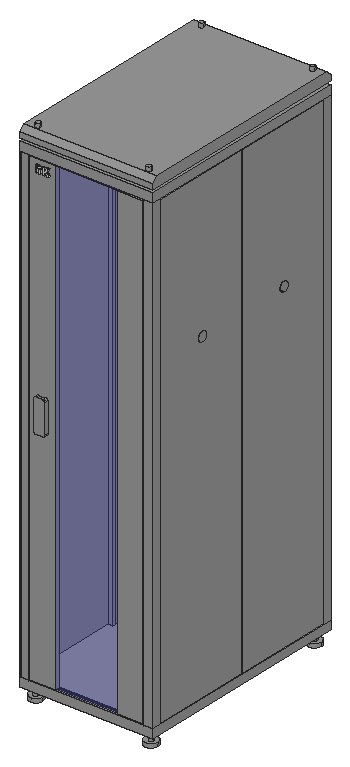
Revit family "ITK Шкаф сетевой 19 LINEA N 18U (600х1000 мм ) стекло и перфорация", category Электрооборудование, Revit 2016
Family settings
  Тип детали = Другая панель
  Размер круглого соединителя = Использовать диаметр
  Номер OmniClass = 23.80.30.11.17
  Заголовок OmniClass = Distribution Boards and Control Panels
  На основе рабочей плоскости = Нет
  Всегда вертикально = Да
  При загрузке вырезать с полостями = Нет
  Общий = Нет
  Точка расчета площади = Нет
Parameters
  Ширина УГО = Ширина / 100  # 6 mm
  Ширина = 600 mm
  Степень защиты = "IP20"
  Смещение УГО по X [instance] = 1000 mm
  Основание = 50 mm
  Описание = "Напольные 19-дюймовые шкафы серии LINEA N применяются для размещения различного телекоммуникационного 19-дюймового активного и пассивного оборудования и небольших серверов, а также специализированного оборудования стандарта 19 дюймов, и отлично подходят для размещения как в офисных помещениях, так и в специализированных серверных комнатах.\r\n\r\nШирокий диапазон типоразмеров и модификаций сетевых шкафов, а также наличие большого количества комплектующих и аксессуаров к ним позволяет заказчику подобрать необходимую спецификацию в соответствии со стоящими перед ним задачами, а соответствие международным стандартам, таким как ISO9001, IEC 297, ISO/IEC 1180, обеспечивает совместимость с компонентами СКС и оборудованием других производителей.\r\n\r\nШкафы LINEA N обладают современным привлекательным дизайном и технологичной, но в то же время простой и удобной конструкцией, которая дает возможность эффективно справляться с задачами быстрого монтажа, администрирования и оперативного изменения конфигурации 19-дюймового оборудования, задачей защиты этого оборудования и поддержания для него оптимального температурного режима. Доступ внутрь шкафа возможен со всех сторон, для ввода кабеля предусмотрены вводы в верхней и нижней части. Сборка шкафа осуществляется одним специалистом и занимает не более 20 минут.\r\nРегулируемые по глубине 19-дюймовые направляющие.\r\nСовременный привлекательный дизайн.\r\nМонтажные профили имеют разметку в юнитах (U).\r\nХорошая естественная вентиляция, возможность установки дополнительных вентиляторных модулей.\r\nБоковые стенки оснащены замком и защелками.\r\nВозможность замены регулируемых ножек на ролики с тормозом.\r\nСтатическая нагрузка до 1000 кг (ножки).\r\nСборка одним человеком за 20 минут.\r\nНаличие большого количества совместимых аксессуаров и комплектующих производства ITK.\r\nВозможно исполнение в двух цветах: сером (RAL7035) и черном (RAL9005).\r\nРасширенная гарантия до 10 лет."  # constant formula
  Материал = Окраска - RAL 7035
  Крышка вентиляционная = 60 mm
  Type Comments = " "
  Assembly Code = ""
  Изготовитель = "ITK"  # constant formula
  Засечка УГО = 1.2 mm  # constant formula
  Model = ""
  Глубина УГО = Глубина / 100  # 10 mm
  Глубина = 1000 mm
  Высота = 2312 mm
  Вид установки = "Напольный"
  URL = "http://www.itk-GProup.ru/produktsiya/catalog/?page=section&id=450&pagen=1&pagec=100"
  ADSK_Ток = ADSK_Номинальная мощность / (ADSK_Коэффициент мощности * ADSK_Напряжение * sqrt(ADSK_Количество фаз числовое))  # 0 A
  ADSK_Примечание = ""
  ADSK_Полная мощность = ADSK_Номинальная мощность / ADSK_Коэффициент мощности  # 0 VA
  ADSK_Позиция [instance] = ""
  ADSK_Номинальная мощность = 0 W
  ADSK_Напряжение = 220 V
  ADSK_Наименование краткое = "LN35-47U61-GP"
  ADSK_Наименование = "ITK Шкаф сетевой 19\" LINEA N 47U 600х1000 мм, стеклянная передняя дверь, перфорированная- задняя, серый"
  ADSK_Масса = 0
  ADSK_Марка = "LN35-47U61-GP"
  ADSK_Коэффициент мощности = 1
  ADSK_Количество фаз числовое = 1
  ADSK_Количество фаз = 1
  ADSK_Код изделия = ""
  ADSK_Классификация нагрузок = Прочее
  ADSK_Завод-изготовитель = "IEK"
  ADSK_Единица измерения = "шт"
  ADSK_Группирование = "I. ЩИТЫ И ПУЛЬТЫ"
Reference planes
  plane 1 "По центру (Вперед/Назад)": y = 0
  plane 2: z = 0
  plane 3 "По центру (Влево/Вправо)": x = 0
  plane 4: x = -300
  plane 5: x = 300
  plane 6: y = 500
  plane 7: y = -500
  plane 8: z = 2312
  plane 9: z = 250
  plane 10: z = 2252
  plane 11: z = 50
  plane 12 "Смещение УГО по X": x = -1000
Forms (mm)
  Extrusion 1, solid, detail levels coarse+medium
    sketch origin (0, 0, 0) x (1, 0, 0) y (0, 1, 0)
      loop
        line (-300, 500) -> (-300, -500) -> (300, -500) -> (300, 500) -> (-300, 500)
    from 0 to 2312 <- "Высота"
Lines and regions (mm)
  reference lines
    curve 1: line (0, 241.146, 0) -> (0, -338.854, 0)
Dimensions and locks
  equal spacing: plane 7, plane 1 "По центру (Вперед/Назад)", plane 6
  "Глубина": plane 7 to plane 6
  equal spacing: plane 4, plane 3 "По центру (Влево/Вправо)", plane 5
  "Ширина": plane 4 to plane 5
  "Крышка вентиляционная": plane 8 to plane 10
  "Основание": plane 11 to plane 2
  "Высота": plane 8 to plane 2
  plane 12 "Смещение УГО по X" to plane 3 "По центру (Влево/Вправо)" = 1000 mm
  "Смещение УГО по X": plane 12 "Смещение УГО по X" to curve 1
  aligned and locked: level to plane 2
  aligned and locked: plane 1 "По центру (Вперед/Назад)" to nested 1
  aligned and locked: plane 3 "По центру (Влево/Вправо)" to nested 1
  aligned and locked: plane 1 "По центру (Вперед/Назад)" to nested 2
  aligned and locked: plane 3 "По центру (Влево/Вправо)" to nested 2
  aligned and locked: plane 3 "По центру (Влево/Вправо)" to nested 3
  aligned and locked: plane 1 "По центру (Вперед/Назад)" to nested 3
  aligned and locked: plane 1 "По центру (Вперед/Назад)" to nested 4
  aligned and locked: plane 3 "По центру (Влево/Вправо)" to nested 4
  aligned and locked: Extrusion 1 sketch curve to plane 4
  aligned and locked: Extrusion 1 sketch curve to plane 6
  aligned and locked: plane 7 to Extrusion 1 sketch curve
  aligned and locked: plane 5 to Extrusion 1 sketch curve
  aligned and locked: plane 3 "По центру (Влево/Вправо)" to nested 5
  aligned and locked: plane 1 "По центру (Вперед/Назад)" to nested 5
  aligned and locked: plane 1 "По центру (Вперед/Назад)" to nested 6
  aligned and locked: nested 6 to curve 1
  aligned and locked: nested 7 to plane 3 "По центру (Влево/Вправо)"
  aligned and locked: plane 6 to nested 7
  aligned and locked: plane 3 "По центру (Влево/Вправо)" to nested 8
  aligned and locked: plane 7 to nested 8
Automatic sketch dimensions
  curve 1 to plane 7 = 161.146 mm
  curve 1 to plane 1 "По центру (Вперед/Назад)" = 241.146 mm
Nested families
  nested 1: "Стойка_комплект 4шт" at (0, 0, 0), type "Стойка_комплект 4шт", detail levels fine
    with Основание 50 mm, Глубина 1000 mm, Высота 2312 mm
  nested 2: "Основание_2шт" at (0, 0, 0), type "Основание_2шт", detail levels fine
    with Крыша вентиляционная 60 mm, Глубина 1000 mm, Высота 2312 mm
  nested 3: "Крыша вентиляционная" at (0, 0, 0), type "Крыша вентиляционная", detail levels fine
    with Крыша вентиляционная 60 mm, Глубина 1000 mm, Высота 2312 mm
  nested 4: "Ножки" at (0, 0, 0), type "Ножки", detail levels fine
    with Крыша вентиляционная 60 mm, Глубина 1000 mm, Высота 2312 mm
  nested 5: "Панель боковая (1000мм)_2шт" at (0, 0, 0), type "Панель боковая (1000мм)_2шт", detail levels fine
  nested 6: "УГО (две двери)" at (0, 0, 0), type "УГО (две двери)", detail levels coarse+medium
  nested 7: "Комплект двери перфорированной" at (0, 0, 0) x (-1, 0, 0) z (0, 0, 1), type "Комплект двери перфорированной", detail levels fine
    with Глубина 1000 mm
  nested 8: "Комплект двери стекляной" at (0, 0, 0), type "Комплект двери стекляной", detail levels fine
    with Глубина 1000 mm
Connectors
  electrical at (0, 500, 1156), driven by "ADSK_Напряжение", driven by "ADSK_Количество фаз", driven by "ADSK_Коэффициент мощности", driven by "ADSK_Классификация нагрузок", driven by "ADSK_Полная мощность"
    settings: on Extrusion 1, index 1, voltage 220 V, apparent load 0 VA, apparent load phase1 0 VA, apparent load phase2 0 VA, apparent load phase3 0 VA, power factor 1, load classification "Прочее", number of poles 1, system type 31, power factor state 1, is connector primary yes, connector utility no, sub classification motor no, connector description ""
Definition of nested family "Стойка_комплект 4шт"
  Parameters
    Ширина = 600 mm
    Основание = 150 mm
    Материал = none
    Крыша вентиляционная = 60 mm
    Глубина = 600 mm
    Высота = 2200 mm
  Reference planes
    plane 1 "По центру (Вперед/Назад)": y = 0
    plane 2: z = 0
    plane 3 "По центру (Влево/Вправо)": x = 0
    plane 4: x = -300
    plane 5: x = 300
    plane 6: y = 300
    plane 7: y = -300
    plane 8: y = 260
    plane 9: y = -260
    plane 10: x = -260
    plane 11: x = 260
    plane 12: z = 2100
    plane 13: z = 190
    plane 14: z = 150
    plane 15: z = 2140
    plane 16: z = 2200
  Forms (mm)
    Extrusion 1, solid, material <- "Материал"
      sketch origin (0, 0, 0) x (1, 0, 0) y (0, 1, 0)
        loop
          line (-300, -260) -> (-300, -300) -> (-260, -300) -> (-260, -280) -> (-245, -280) -> (-245, -260) -> (-260, -260) -> (-260, -245) -> (-270, -245) -> (-270, -260) -> (-300, -260)
        loop
          line (300, -260) -> (270, -260) -> (270, -245) -> (260, -245) -> (260, -260) -> (245, -260) -> (245, -280) -> (260, -280) -> (260, -300) -> (300, -300) -> (300, -260)
        loop
          line (300, 260) -> (300, 300) -> (260, 300) -> (260, 270) -> (245, 270) -> (245, 260) -> (260, 260) -> (260, 245) -> (270, 245) -> (270, 260) -> (300, 260)
        loop
          line (-300, 260) -> (-270, 260) -> (-270, 245) -> (-260, 245) -> (-260, 260) -> (-245, 260) -> (-245, 270) -> (-260, 270) -> (-260, 300) -> (-300, 300) -> (-300, 260)
        loop
          line (297, 297) -> (263, 297) -> (263, 267) -> (248, 267) -> (248, 263) -> (263, 263) -> (263, 248) -> (267, 248) -> (267, 263) -> (297, 263) -> (297, 297)
        loop
          line (-263, 297) -> (-297, 297) -> (-297, 263) -> (-267, 263) -> (-267, 248) -> (-263, 248) -> (-263, 263) -> (-248, 263) -> (-248, 267) -> (-263, 267) -> (-263, 297)
        loop
          line (-297, -263) -> (-297, -297) -> (-263, -297) -> (-263, -277) -> (-248, -277) -> (-248, -263) -> (-263, -263) -> (-263, -248) -> (-267, -248) -> (-267, -263) -> (-297, -263)
        loop
          line (263, -297) -> (297, -297) -> (297, -263) -> (267, -263) -> (267, -248) -> (263, -248) -> (263, -263) -> (248, -263) -> (248, -277) -> (263, -277) -> (263, -297)
      from 190 to 2100
  Dimensions and locks
    equal spacing: plane 7, plane 1 "По центру (Вперед/Назад)", plane 6
    equal spacing: plane 4, plane 3 "По центру (Влево/Вправо)", plane 5
    "Ширина": plane 4 to plane 5
    "Глубина": plane 7 to plane 6
    locked: plane 7 to plane 9 at 40
    locked: plane 6 to plane 8 at 40
    locked: plane 11 to plane 5 at 40
    locked: plane 4 to plane 10 at 40
    locked: plane 15 to plane 12 at 40
    "Крыша вентиляционная": plane 16 to plane 15
    locked: plane 13 to plane 14 at 40
    "Основание": plane 14 to plane 2
    "Высота": plane 16 to plane 2
    aligned and locked: level to plane 2
    aligned and locked: plane 9 to Extrusion 1 sketch curve
    aligned and locked: plane 4 to Extrusion 1 sketch curve
    aligned and locked: Extrusion 1 sketch curve to plane 7
    aligned and locked: plane 5 to Extrusion 1 sketch curve
    aligned and locked: plane 8 to Extrusion 1 sketch curve  (x2)
    aligned and locked: Extrusion 1 sketch curve to plane 11  (x2)
    aligned and locked: Extrusion 1 sketch curve to plane 6
    aligned and locked: plane 10 to Extrusion 1 sketch curve  (x2)
    aligned and locked: Extrusion 1 sketch curve to plane 8  (x2)
    aligned and locked: plane 6 to Extrusion 1 sketch curve
    aligned and locked: Extrusion 1 sketch curve to plane 4
    aligned and locked: plane 7 to Extrusion 1 sketch curve
    aligned and locked: Extrusion 1 sketch curve to plane 5
    aligned and locked: Extrusion 1 sketch curve to plane 9
    aligned and locked: plane 11 to Extrusion 1 sketch curve
    aligned and locked: plane 12 to Extrusion 1
    aligned and locked: Extrusion 1 to plane 13
  Automatic sketch dimensions
    Extrusion 1 sketch curve to plane 10 = 0 mm  (x2)
    plane 9 to Extrusion 1 sketch curve = 0 mm  (x2)
    Extrusion 1 sketch curve to plane 11 = 0 mm
    plane 4 to Extrusion 1 sketch curve = 3 mm  (x2)
    Extrusion 1 sketch curve to plane 10 = 10 mm  (x2)
    Extrusion 1 sketch curve to Extrusion 1 sketch curve = 3 mm  (x16)
    Extrusion 1 sketch curve to plane 10 = 3 mm  (x4)
    plane 10 to Extrusion 1 sketch curve = 12 mm  (x2)
    Extrusion 1 sketch curve to Extrusion 1 sketch curve = 15 mm  (x2)
    Extrusion 1 sketch curve to plane 11 = 3 mm  (x4)
    Extrusion 1 sketch curve to Extrusion 1 sketch curve = 4 mm  (x4)
    plane 5 to Extrusion 1 sketch curve = 3 mm  (x2)
    Extrusion 1 sketch curve to plane 7 = 3 mm  (x2)
    Extrusion 1 sketch curve to plane 7 = 20 mm  (x2)
    plane 9 to Extrusion 1 sketch curve = 3 mm  (x4)
    Extrusion 1 sketch curve to plane 9 = 12 mm  (x2)
    Extrusion 1 sketch curve to plane 8 = 15 mm  (x2)
    plane 8 to Extrusion 1 sketch curve = 3 mm  (x4)
    Extrusion 1 sketch curve to plane 6 = 3 mm  (x2)
Definition of nested family "Основание_2шт"
  Parameters
    Ширина = 600 mm
    Основание = 50 mm
    Материал = none
    Крыша вентиляционная = 100 mm
    Глубина = 600 mm
    Высота = 1800 mm
  Reference planes
    plane 1 "По центру (Вперед/Назад)": y = 0
    plane 2: z = 0
    plane 3 "По центру (Влево/Вправо)": x = 0
    plane 4: x = -300
    plane 5: x = 300
    plane 6: y = 300
    plane 7: y = -300
    plane 8: y = 260
    plane 9: y = -260
    plane 10: x = -260
    plane 11: x = 260
    plane 12: z = 1800
    plane 13: z = 90
    plane 14: z = 50
    plane 15: z = 1700
    plane 16: z = 1660
    plane 17: z = 1655
    plane 18: z = 95
  Forms (mm)
    Extrusion 1, solid, material <- "Материал"
      sketch origin (0, 0, 0) x (1, 0, 0) y (0, 0, 1)
        loop
          line (-300, 1700) -> (-300, 1660) -> (300, 1660) -> (300, 1700) -> (-300, 1700)
        loop
          line (-300, 90) -> (-300, 50) -> (300, 50) -> (300, 90) -> (-300, 90)
      from -300 to 300
    Extrusion 2, solid, material <- "Материал"
      sketch origin (-1511.359, -1524, 1660) x (-1, 0, 0) y (0, -1, 0)
        loop
          line (-1771.359, -1769) -> (-1771.359, -1784) -> (-1756.359, -1784) -> (-1756.359, -1814) -> (-1266.359, -1814) -> (-1266.359, -1784) -> (-1251.359, -1784) -> (-1251.359, -1769) -> (-1221.359, -1769) -> (-1221.359, -1279) -> (-1251.359, -1279) -> (-1251.359, -1264) -> (-1266.359, -1264) -> (-1266.359, -1244) -> (-1756.359, -1244) -> (-1756.359, -1264) -> (-1771.359, -1264) -> (-1771.359, -1279) -> (-1801.359, -1279) -> (-1801.359, -1769) -> (-1771.359, -1769)
      from -5 to 0
    Extrusion 3, solid, material <- "Материал"
      sketch origin (-1511.359, -1524, 384.733) x (0, 1, 0) y (1, 0, 0)
        loop
          line (1769, 1771.359) -> (1769, 1801.359) -> (1279, 1801.359) -> (1279, 1771.359) -> (1264, 1771.359) -> (1264, 1756.359) -> (1244, 1756.359) -> (1244, 1266.359) -> (1264, 1266.359) -> (1264, 1251.359) -> (1279, 1251.359) -> (1279, 1221.359) -> (1769, 1221.359) -> (1769, 1251.359) -> (1784, 1251.359) -> (1784, 1266.359) -> (1814, 1266.359) -> (1814, 1756.359) -> (1784, 1756.359) -> (1784, 1771.359) -> (1769, 1771.359)
      from 289.733 to 294.733
  Dimensions and locks
    equal spacing: plane 7, plane 1 "По центру (Вперед/Назад)", plane 6
    equal spacing: plane 4, plane 3 "По центру (Влево/Вправо)", plane 5
    "Ширина": plane 4 to plane 5
    "Глубина": plane 7 to plane 6
    locked: plane 7 to plane 9 at 40
    locked: plane 6 to plane 8 at 40
    locked: plane 11 to plane 5 at 40
    locked: plane 4 to plane 10 at 40
    "Основание": plane 14 to plane 2
    locked: plane 13 to plane 14 at 40
    locked: plane 15 to plane 16 at 40
    "Крыша вентиляционная": plane 12 to plane 15
    locked: plane 16 to plane 17 at 5
    locked: plane 18 to plane 13 at 5
    "Высота": plane 12 to plane 2
    aligned and locked: level to plane 2
    aligned and locked: Extrusion 1 sketch curve to plane 15
    aligned and locked: plane 4 to Extrusion 1 sketch curve  (x2)
    aligned and locked: plane 16 to Extrusion 1 sketch curve
    aligned and locked: plane 5 to Extrusion 1 sketch curve  (x2)
    aligned and locked: Extrusion 1 sketch curve to plane 13
    aligned and locked: plane 14 to Extrusion 1 sketch curve
    aligned and locked: plane 6 to Extrusion 1
    aligned and locked: plane 7 to Extrusion 1
    aligned and locked: plane 9 to Extrusion 2 sketch curve
    aligned and locked: Extrusion 2 sketch curve to plane 9
    aligned and locked: Extrusion 2 sketch curve to plane 10
    aligned and locked: plane 11 to Extrusion 2 sketch curve
    aligned and locked: Extrusion 2 sketch curve to plane 11
    aligned and locked: plane 8 to Extrusion 2 sketch curve
    aligned and locked: Extrusion 2 sketch curve to plane 8
    aligned and locked: plane 10 to Extrusion 2 sketch curve
    aligned and locked: plane 16 to Extrusion 2
    aligned and locked: Extrusion 2 to plane 17
    aligned and locked: Extrusion 3 to plane 13
    aligned and locked: plane 18 to Extrusion 3
    aligned and locked: Extrusion 2 sketch curve to Extrusion 3
  Automatic sketch dimensions
    plane 5 to Extrusion 2 sketch curve = 10 mm
    Extrusion 2 sketch curve to Extrusion 2 sketch curve = 15 mm  (x2)
    plane 10 to Extrusion 2 sketch curve = 15 mm  (x2)
    plane 4 to Extrusion 2 sketch curve = 10 mm
    Extrusion 2 sketch curve to plane 6 = 10 mm
    Extrusion 2 sketch curve to plane 8 = 15 mm  (x2)
    Extrusion 2 sketch curve to plane 9 = 15 mm  (x2)
    plane 9 to Extrusion 3 sketch curve = 0 mm  (x2)
    Extrusion 3 sketch curve to plane 11 = 0 mm  (x2)
    Extrusion 3 sketch curve to plane 10 = 0 mm  (x2)
    Extrusion 3 sketch curve to plane 8 = 0 mm  (x2)
    Extrusion 3 sketch curve to plane 7 = 20 mm
    Extrusion 3 sketch curve to plane 9 = 15 mm  (x2)
    Extrusion 3 sketch curve to Extrusion 3 sketch curve = 15 mm  (x3)
    Extrusion 3 sketch curve to plane 8 = 15 mm
    Extrusion 3 sketch curve to plane 6 = 10 mm
    plane 5 to Extrusion 3 sketch curve = 10 mm
    plane 10 to Extrusion 3 sketch curve = 15 mm  (x2)
    plane 4 to Extrusion 3 sketch curve = 10 mm
Definition of nested family "Крыша вентиляционная"
  Parameters
    Ширина = 600 mm
    Основание = 50 mm
    Материал = none
    Крыша вентиляционная = 65 mm
    Глубина = 600 mm
    Высота = 1805 mm
  Reference planes
    plane 1 "По центру (Вперед/Назад)": y = 0
    plane 2: z = 0
    plane 3 "По центру (Влево/Вправо)": x = 0
    plane 4: x = -300
    plane 5: x = 300
    plane 6: y = 300
    plane 7: y = -300
    plane 8: y = 260
    plane 9: y = -260
    plane 10: x = -260
    plane 11: x = 260
    plane 12: z = 1805
    plane 13: z = 50
    plane 14: z = 1740
    plane 15: z = 1820
    plane 16: z = 1755
  Forms (mm)
    Extrusion 1, solid, material <- "Материал"
      sketch origin (-1511.359, -1524, 1710) x (-1, 0, 0) y (0, -1, 0)
        loop
          circle (-1761.359, -1784) r 10
        loop
          circle (-1761.359, -1264) r 10
        loop
          circle (-1261.359, -1784) r 10
        loop
          circle (-1261.359, -1264) r 10
      from 30 to 110
    Extrusion 2, solid, material <- "Материал"
      sketch origin (0, 0, 0) x (0, 1, 0) y (0, 0, 1)
        loop
          line (-275, 1805) -> (-300, 1780) -> (-300, 1755) -> (300, 1755) -> (300, 1780) -> (275, 1805) -> (-275, 1805)
      from -300 to 300
  Cuts and joins
    joined: Extrusion 1, Extrusion 2
  Dimensions and locks
    equal spacing: plane 7, plane 1 "По центру (Вперед/Назад)", plane 6
    equal spacing: plane 4, plane 3 "По центру (Влево/Вправо)", plane 5
    "Ширина": plane 4 to plane 5
    "Глубина": plane 7 to plane 6
    locked: plane 7 to plane 9 at 40
    locked: plane 6 to plane 8 at 40
    locked: plane 11 to plane 5 at 40
    locked: plane 4 to plane 10 at 40
    "Основание": plane 13 to plane 2
    "Крыша вентиляционная": plane 12 to plane 14
    locked: plane 15 to plane 12 at 15
    locked: plane 16 to plane 14 at 15
    equal spacing: plane 12, Extrusion 2 sketch curve, plane 16  (x2)
    "Высота": plane 12 to plane 2
    locked: plane 12 to Extrusion 2 sketch curve (angle 45.00°)
    locked: Extrusion 2 sketch curve to plane 12 (angle 45.00°)
    aligned and locked: level to plane 2
    aligned and locked: Extrusion 1 to plane 14
    aligned and locked: plane 15 to Extrusion 1
    aligned and locked: Extrusion 2 sketch curve to plane 12
    aligned and locked: Extrusion 2 sketch curve to plane 7
    aligned and locked: plane 16 to Extrusion 2 sketch curve
    aligned and locked: Extrusion 2 sketch curve to plane 6
    aligned and locked: Extrusion 2 to plane 4
    aligned and locked: Extrusion 2 to plane 5
  Automatic sketch dimensions
    plane 9 to Extrusion 1 sketch curve = 0 mm  (x2)
    Extrusion 1 sketch curve to plane 8 = 0 mm  (x2)
    plane 11 to Extrusion 1 sketch curve = 10 mm  (x2)
    plane 10 to Extrusion 1 sketch curve = 10 mm  (x2)
    radius of Extrusion 1 sketch curve = 10 mm  (x4)
Definition of nested family "Ножки"
  Parameters
    Ширина = 600 mm
    Основание = 50 mm
    Материал = none
    Крыша вентиляционная = 100 mm
    Глубина = 600 mm
    Высота = 1800 mm
  Reference planes
    plane 1 "По центру (Вперед/Назад)": y = 0
    plane 2: z = 0
    plane 3 "По центру (Влево/Вправо)": x = 0
    plane 4: x = -300
    plane 5: x = 300
    plane 6: y = 300
    plane 7: y = -300
    plane 8: y = 260
    plane 9: y = -260
    plane 10: x = -260
    plane 11: x = 260
    plane 12: z = 1850
    plane 13: z = 50
    plane 14: z = 15
  Forms (mm)
    Extrusion 1, solid, material <- "Материал"
      sketch origin (-1511.359, -1524, 1710) x (-1, 0, 0) y (0, -1, 0)
        loop
          circle (-1251.359, -1784) r 30
        loop
          circle (-1771.359, -1784) r 30
        loop
          circle (-1251.359, -1264) r 30
        loop
          circle (-1771.359, -1264) r 30
      from -1710 to -1695
    Extrusion 2, solid, material <- "Материал"
      sketch origin (-1511.359, -1524, 1710) x (-1, 0, 0) y (0, -1, 0)
        loop
          circle (-1251.359, -1784) r 10
        loop
          circle (-1771.359, -1784) r 10
        loop
          circle (-1251.359, -1264) r 10
        loop
          circle (-1771.359, -1264) r 10
      from -1695 to -1660
  Dimensions and locks
    equal spacing: plane 7, plane 1 "По центру (Вперед/Назад)", plane 6
    equal spacing: plane 4, plane 3 "По центру (Влево/Вправо)", plane 5
    "Ширина": plane 4 to plane 5
    "Глубина": plane 7 to plane 6
    locked: plane 7 to plane 9 at 40
    locked: plane 6 to plane 8 at 40
    locked: plane 11 to plane 5 at 40
    locked: plane 4 to plane 10 at 40
    "Основание": plane 13 to plane 2
    "Высота": plane 12 to plane 13
    locked: plane 14 to plane 2 at 15
    aligned and locked: level to plane 2
    aligned and locked: plane 10 to Extrusion 1 sketch curve  (x2)
    aligned and locked: plane 9 to Extrusion 1 sketch curve  (x2)
    aligned and locked: plane 11 to Extrusion 1 sketch curve  (x2)
    aligned and locked: plane 8 to Extrusion 1 sketch curve  (x2)
    aligned and locked: plane 10 to Extrusion 2 sketch curve  (x2)
    aligned and locked: plane 8 to Extrusion 2 sketch curve  (x2)
    aligned and locked: plane 11 to Extrusion 2 sketch curve  (x2)
    aligned and locked: plane 9 to Extrusion 2 sketch curve  (x2)
    aligned and locked: Extrusion 1 to level
    aligned and locked: plane 14 to Extrusion 1
    aligned and locked: Extrusion 2 to plane 14
    aligned and locked: plane 13 to Extrusion 2
  Automatic sketch dimensions
    radius of Extrusion 1 sketch curve = 30 mm  (x4)
    radius of Extrusion 2 sketch curve = 10 mm  (x4)
Definition of nested family "Панель боковая (1000мм)_2шт"
  Parameters (values of type "Панель боковая (1000мм)_2шт")
    Ширина = 600 mm
    Основание = 50 mm
    Материал = none
    Крышка вентиляционная = 60 mm
    Глубина = 1000 mm
    Высота = 2312 mm
  Reference planes
    plane 1 "По центру (Вперед/Назад)": y = 0
    plane 2: z = 0
    plane 3 "По центру (Влево/Вправо)": x = 0
    plane 4: x = -300
    plane 5: x = 300
    plane 6: y = 500
    plane 7: y = -500
    plane 8: y = 460
    plane 9: y = -460
    plane 10: x = -260
    plane 11: x = 260
    plane 12: z = 90
    plane 13: z = 95
    plane 14: z = 50
    plane 15: z = 1558
    plane 16: z = 2212
    plane 17: z = 2312
    plane 18: z = 804
    plane 19: z = 2252
    plane 20: z = 2207
  Forms (mm)
    Extrusion 1, solid, material <- "Материал"
      sketch origin (0, 0, 0) x (1, 0, 0) y (0, 1, 0)
        loop
          line (-300, 455) -> (-300, 5) -> (-270, 5) -> (-270, 15) -> (-289.98, 15) -> (-289.98, 445) -> (-270, 445) -> (-270, 455) -> (-300, 455)
        loop
          line (-300, -455) -> (-270, -455) -> (-270, -445) -> (-289.98, -445) -> (-289.98, -15) -> (-270, -15) -> (-270, -5) -> (-300, -5) -> (-300, -455)
        loop
          line (300, -455) -> (300, -5) -> (270, -5) -> (270, -15) -> (289.98, -15) -> (289.98, -445) -> (270, -445) -> (270, -455) -> (300, -455)
        loop
          line (300, 455) -> (270, 455) -> (270, 445) -> (289.98, 445) -> (289.98, 15) -> (270, 15) -> (270, 5) -> (300, 5) -> (300, 455)
      from 95 to 2207
  Dimensions and locks
    equal spacing: plane 7, plane 1 "По центру (Вперед/Назад)", plane 6
    equal spacing: plane 4, plane 3 "По центру (Влево/Вправо)", plane 5
    "Ширина": plane 4 to plane 5
    "Глубина": plane 7 to plane 6
    locked: plane 7 to plane 9 at 40
    locked: plane 6 to plane 8 at 40
    locked: plane 11 to plane 5 at 40
    locked: plane 4 to plane 10 at 40
    locked: plane 13 to plane 12 at 5
    locked: plane 12 to plane 14 at 40
    "Основание": plane 14 to plane 2
    "Высота": plane 17 to plane 2
    equal spacing: plane 17, plane 15, plane 18, plane 14
    "Крышка вентиляционная": plane 17 to plane 19
    locked: plane 19 to plane 16 at 40
    locked: plane 16 to plane 20 at 5
    aligned and locked: level to plane 2
    aligned and locked: Extrusion 1 to plane 13
    aligned and locked: nested 1 to plane 15
    aligned and locked: Extrusion 1 sketch curve to plane 4
    aligned and locked: nested 3 to plane 15
    aligned and locked: plane 15 to nested 4
    aligned and locked: plane 15 to nested 2
    aligned and locked: plane 20 to Extrusion 1
  Automatic sketch dimensions
    Extrusion 1 sketch curve to plane 4 = 0 mm
    Extrusion 1 sketch curve to plane 5 = 0 mm  (x2)
    plane 4 to Extrusion 1 sketch curve = 10.02 mm  (x2)
    Extrusion 1 sketch curve to plane 10 = 10 mm  (x4)
    Extrusion 1 sketch curve to plane 9 = 5 mm  (x2)
    Extrusion 1 sketch curve to plane 1 "По центру (Вперед/Назад)" = 5 mm  (x2)
    plane 1 "По центру (Вперед/Назад)" to Extrusion 1 sketch curve = 5 mm  (x2)
    Extrusion 1 sketch curve to plane 11 = 10 mm  (x4)
    plane 5 to Extrusion 1 sketch curve = 10.02 mm  (x2)
    Extrusion 1 sketch curve to Extrusion 1 sketch curve = 10 mm  (x6)
    Extrusion 1 sketch curve to plane 8 = 15 mm  (x2)
    Extrusion 1 sketch curve to plane 8 = 5 mm  (x2)
  Nested families
    nested 1: "Замок" at (300, 230, 1558) x (0, 1, 0) z (1, 0, 0), type "Замок"
    nested 2: "Замок" at (-300, 230, 1558) x (0, 1, 0) z (-1, 0, 0), type "Замок"
    nested 3: "Замок" at (-300, -230, 1558) x (0, -1, 0) z (-1, 0, 0), type "Замок"
    nested 4: "Замок" at (300, -230, 1558) x (0, -1, 0) z (1, 0, 0), type "Замок"
  Definition of nested family "Замок"
    Parameters
      Default Elevation = 1219.2 mm
      Материал = none
    Reference planes
      plane 1 "По центру (Вперед/Назад)": y = 0
      plane 2: z = 0
      plane 3 "По центру (Влево/Вправо)": x = 0
    Forms (mm)
      Extrusion 1, solid
        sketch origin (0, 0, 0) x (1, 0, 0) y (0, 1, 0)
          loop
            line (-1219.2, 1219.2) -> (-1219.2, -1219.2) -> (1219.2, -1219.2) -> (1219.2, 1219.2) -> (-1219.2, 1219.2)
        from 0 to -304.8
      Extrusion 2, solid, material <- "Материал"
        sketch origin (0, 0, 0) x (1, 0, 0) y (0, 1, 0)
          loop
            circle (0, 0) r 20
          loop
            line (3, 8.219) -> (-3, 8.219) -> (-3, -8.219) -> (3, -8.219) -> (3, 8.219)
        from 0 to 7
    Dimensions and locks
      aligned and locked: plane 2 to Extrusion 1
      aligned and locked: level to Extrusion 1
Definition of nested family "Комплект двери перфорированной"
  Parameters (values of type "Комплект двери перфорированной")
    Ширина = 600 mm
    Основание = 50 mm
    Материал = none
    Крыша вентиляционная = 60 mm
    Глубина = 800 mm
    Высота = 2312 mm
  Reference planes
    plane 1 "По центру (Вперед/Назад)": y = 0
    plane 2: z = 0
    plane 3 "По центру (Влево/Вправо)": x = 0
    plane 4: x = -300
    plane 5: x = 300
    plane 6: y = 400
    plane 7: y = -400
    plane 8: y = 360
    plane 9: y = -360
    plane 10: x = -260
    plane 11: x = 260
    plane 12: z = 2212
    plane 13: z = 90
    plane 14: z = 2207
    plane 15: z = 95
    plane 16: z = 2252
    plane 17: z = 2312
    plane 18: z = 50
    plane 19: z = 1181
    plane 20: x = -200
    plane 21: x = -140
    plane 22: x = 140
    plane 23: z = 2157
    plane 24: z = 145
  Forms (mm)
    Extrusion 1, solid, material <- "Материал"
      sketch origin (0, 0, 0) x (1, 0, 0) y (0, 1, 0)
        loop
          line (-255, -400) -> (-140, -400) -> (-140, -380) -> (-235, -380) -> (-235, -365) -> (-245, -365) -> (-245, -380) -> (-255, -380) -> (-255, -400)
        loop
          line (255, -400) -> (255, -380) -> (245, -380) -> (245, -365) -> (235, -365) -> (235, -380) -> (140, -380) -> (140, -400) -> (255, -400)
      from 95 to 2207
    Extrusion 2, solid
      sketch origin (0, 0, 0) x (1, 0, 0) y (0, 1, 0)
        loop
          line (-140, -380) -> (-140, -400) -> (140, -400) -> (140, -380) -> (-140, -380)
      from 145 to 2157
    Extrusion 3, solid, material <- "Материал"
      sketch origin (0, 0, 0) x (1, 0, 0) y (0, 1, 0)
        loop
          line (140, -380) -> (-140, -380) -> (-140, -400) -> (140, -400) -> (140, -380)
      from 95 to 145
    Extrusion 4, solid, material <- "Материал"
      sketch origin (0, 0, 2062) x (1, 0, 0) y (0, 1, 0)
        loop
          line (140, -380) -> (-140, -380) -> (-140, -400) -> (140, -400) -> (140, -380)
      from 95 to 145
  Dimensions and locks
    equal spacing: plane 7, plane 1 "По центру (Вперед/Назад)", plane 6
    equal spacing: plane 4, plane 3 "По центру (Влево/Вправо)", plane 5
    "Ширина": plane 4 to plane 5
    "Глубина": plane 7 to plane 6
    locked: plane 7 to plane 9 at 40
    locked: plane 6 to plane 8 at 40
    locked: plane 11 to plane 5 at 40
    locked: plane 4 to plane 10 at 40
    locked: plane 12 to plane 14 at 5
    locked: plane 15 to plane 13 at 5
    locked: plane 16 to plane 12 at 40
    "Крыша вентиляционная": plane 17 to plane 16
    locked: plane 13 to plane 18 at 40
    "Основание": plane 18 to plane 2
    equal spacing: plane 17, plane 19, plane 18
    locked: plane 4 to plane 21 at 160
    locked: plane 22 to plane 5 at 160
    locked: plane 4 to plane 20 at 100
    locked: plane 14 to plane 23 at 50
    "Высота": plane 17 to plane 2
    locked: plane 24 to plane 15 at 50
    aligned and locked: level to plane 2
    aligned and locked: plane 14 to Extrusion 1
    aligned and locked: Extrusion 1 to plane 15
    aligned and locked: nested 1 to plane 19
    aligned and locked: plane 20 to nested 1
    aligned and locked: Extrusion 1 sketch curve to plane 21
    aligned and locked: Extrusion 1 sketch curve to plane 22
    aligned and locked: Extrusion 2 sketch curve to Extrusion 1  (x4)
    aligned and locked: plane 20 to nested 2
    aligned and locked: nested 2 to plane 23
    aligned and locked: Extrusion 2 to plane 24
    aligned and locked: Extrusion 3 sketch curve to Extrusion 2  (x4)
    aligned and locked: Extrusion 3 to plane 15
    aligned and locked: Extrusion 3 to Extrusion 2
    aligned and locked: Extrusion 2 to nested 2
    aligned and locked: nested 2 to Extrusion 4
    aligned and locked: plane 14 to Extrusion 4
  Automatic sketch dimensions
    plane 7 to Extrusion 1 sketch curve = 0 mm  (x2)
    Extrusion 1 sketch curve to plane 10 = 25 mm
    Extrusion 1 sketch curve to Extrusion 1 sketch curve = 10 mm  (x2)
    Extrusion 1 sketch curve to plane 10 = 5 mm
    Extrusion 1 sketch curve to plane 9 = 5 mm  (x2)
    Extrusion 1 sketch curve to plane 11 = 25 mm
    Extrusion 1 sketch curve to plane 11 = 5 mm
    plane 7 to Extrusion 1 sketch curve = 20 mm
    Extrusion 1 sketch curve to Extrusion 1 sketch curve = 15 mm
    Extrusion 1 sketch curve to Extrusion 1 sketch curve = 0 mm  (x2)
    plane 7 to Extrusion 4 sketch curve = 0 mm
    Extrusion 4 sketch curve to plane 7 = 20 mm
    plane 5 to Extrusion 4 sketch curve = 440 mm
    Extrusion 4 sketch curve to Extrusion 4 sketch curve = 280 mm
  Nested families
    nested 1: "Ручка" at (-200, -400, 1181) x (1, 0, 0) z (0, -1, 0), type "Ручка"
    nested 2: "Логотип" at (-200, -400, 2157) x (1, 0, 0) z (0, -1, 0), type "Логотип"
  Definition of nested family "Ручка"
    Parameters
      Default Elevation = 1219.2 mm
      Материал = none
    Reference planes
      plane 1 "По центру (Вперед/Назад)": y = 0
      plane 2: z = 0
      plane 3 "По центру (Влево/Вправо)": x = 0
    Forms (mm)
      Extrusion 1, solid
        sketch origin (0, 0, 0) x (1, 0, 0) y (0, 1, 0)
          loop
            line (-1219.2, 1219.2) -> (-1219.2, -1219.2) -> (1219.2, -1219.2) -> (1219.2, 1219.2) -> (-1219.2, 1219.2)
        from 0 to -304.8
      Extrusion 2, solid, material <- "Материал"
        sketch origin (0, 0, 0) x (1, 0, 0) y (0, 1, 0)
          loop
            arc (-15, 75) -> (-22.071, 72.071) -> (-25, 65) r 10
            line (-25, 65) -> (-25, -65)
            arc (-25, -65) -> (-22.071, -72.071) -> (-15, -75) r 10
            line (-15, -75) -> (15, -75)
            arc (15, -75) -> (22.071, -72.071) -> (25, -65) r 10
            line (25, -65) -> (25, 65)
            arc (25, 65) -> (22.071, 72.071) -> (15, 75) r 10
            line (15, 75) -> (-15, 75)
        from 0 to 15
    Dimensions and locks
      aligned and locked: plane 2 to Extrusion 1
      aligned and locked: level to Extrusion 1
  Definition of nested family "Логотип"
    Parameters
      Default Elevation = 1219.2 mm
      Материал = none
    Reference planes
      plane 1 "По центру (Вперед/Назад)": y = 0
      plane 2: z = 0
      plane 3 "По центру (Влево/Вправо)": x = 0
    Forms (mm)
      Extrusion 1, solid
        sketch origin (0, 0, 0) x (1, 0, 0) y (0, 1, 0)
          loop
            line (-1219.2, 1219.2) -> (-1219.2, -1219.2) -> (1219.2, -1219.2) -> (1219.2, 1219.2) -> (-1219.2, 1219.2)
        from 0 to -304.8
      Extrusion 2, solid, material <- "Материал"
        sketch origin (0, 0, 0) x (1, 0, 0) y (0, 1, 0)
          loop
            line (-24.198, 18.809) -> (-24.198, 0) -> (-15.975, 0) -> (-15.975, 18.809) -> (-24.198, 18.809)
          loop
            line (0.039, 18.809) -> (-7.705, 18.809) -> (-7.705, 0) -> (0.039, 0) -> (0.039, 18.809)
          loop
            line (-24.198, 21.431) -> (-15.975, 21.431) -> (-15.975, 29.41) -> (-24.198, 29.41) -> (-24.198, 21.431)
          loop
            line (8.482, 29.41) -> (8.482, 0) -> (16.233, 0) -> (16.233, 11.027) -> (19.197, 11.027) -> (26.358, 0) -> (35.802, 0) -> (25.102, 14.728) -> (35.802, 29.41) -> (26.358, 29.41) -> (19.197, 18.383) -> (16.233, 18.383) -> (16.233, 29.41) -> (8.482, 29.41)
          loop
            line (-13.581, 29.41) -> (-13.581, 21.431) -> (5.915, 21.431) -> (5.915, 29.41) -> (-13.581, 29.41)
        from 0 to 7
    Dimensions and locks
      aligned and locked: plane 2 to Extrusion 1
      aligned and locked: level to Extrusion 1
Definition of nested family "Комплект двери стекляной"
  Parameters (values of type "Комплект двери стекляной")
    Ширина = 600 mm
    Основание = 50 mm
    Материал = none
    Крыша вентиляционная = 60 mm
    Глубина = 800 mm
    Высота = 2312 mm
  Reference planes
    plane 1 "По центру (Вперед/Назад)": y = 0
    plane 2: z = 0
    plane 3 "По центру (Влево/Вправо)": x = 0
    plane 4: x = -300
    plane 5: x = 300
    plane 6: y = 400
    plane 7: y = -400
    plane 8: y = 360
    plane 9: y = -360
    plane 10: x = -260
    plane 11: x = 260
    plane 12: z = 2212
    plane 13: z = 90
    plane 14: z = 2207
    plane 15: z = 95
    plane 16: z = 2252
    plane 17: z = 2312
    plane 18: z = 50
    plane 19: z = 1181
    plane 20: x = -200
    plane 21: x = -140
    plane 22: x = 140
    plane 23: z = 2157
  Forms (mm)
    Extrusion 1, solid, material <- "Материал"
      sketch origin (0, 0, 0) x (1, 0, 0) y (0, 1, 0)
        loop
          line (-255, -400) -> (-140, -400) -> (-140, -380) -> (-235, -380) -> (-235, -365) -> (-245, -365) -> (-245, -380) -> (-255, -380) -> (-255, -400)
        loop
          line (255, -400) -> (255, -380) -> (245, -380) -> (245, -365) -> (235, -365) -> (235, -380) -> (140, -380) -> (140, -400) -> (255, -400)
      from 95 to 2207
    Extrusion 2, solid
      sketch origin (0, 0, 0) x (1, 0, 0) y (0, 1, 0)
        loop
          line (-140, -380) -> (-140, -400) -> (140, -400) -> (140, -380) -> (-140, -380)
      from 95 to 2207
  Dimensions and locks
    equal spacing: plane 7, plane 1 "По центру (Вперед/Назад)", plane 6
    equal spacing: plane 4, plane 3 "По центру (Влево/Вправо)", plane 5
    "Ширина": plane 4 to plane 5
    "Глубина": plane 7 to plane 6
    locked: plane 7 to plane 9 at 40
    locked: plane 6 to plane 8 at 40
    locked: plane 11 to plane 5 at 40
    locked: plane 4 to plane 10 at 40
    locked: plane 12 to plane 14 at 5
    locked: plane 15 to plane 13 at 5
    locked: plane 16 to plane 12 at 40
    "Крыша вентиляционная": plane 17 to plane 16
    locked: plane 13 to plane 18 at 40
    "Основание": plane 18 to plane 2
    equal spacing: plane 17, plane 19, plane 18
    locked: plane 4 to plane 21 at 160
    locked: plane 22 to plane 5 at 160
    locked: plane 4 to plane 20 at 100
    locked: plane 14 to plane 23 at 50
    "Высота": plane 17 to plane 2
    aligned and locked: level to plane 2
    aligned and locked: plane 14 to Extrusion 1
    aligned and locked: Extrusion 1 to plane 15
    aligned and locked: nested 1 to plane 19
    aligned and locked: plane 20 to nested 1
    aligned and locked: Extrusion 1 sketch curve to plane 21
    aligned and locked: Extrusion 1 sketch curve to plane 22
    aligned and locked: Extrusion 2 sketch curve to Extrusion 1  (x4)
    aligned and locked: plane 14 to Extrusion 2
    aligned and locked: Extrusion 2 to plane 15
    aligned and locked: plane 20 to nested 2
    aligned and locked: nested 2 to plane 23
  Automatic sketch dimensions
    plane 7 to Extrusion 1 sketch curve = 0 mm  (x2)
    Extrusion 1 sketch curve to plane 10 = 25 mm
    Extrusion 1 sketch curve to Extrusion 1 sketch curve = 10 mm  (x2)
    Extrusion 1 sketch curve to plane 10 = 5 mm
    Extrusion 1 sketch curve to plane 11 = 25 mm
    Extrusion 1 sketch curve to plane 11 = 5 mm
    plane 7 to Extrusion 1 sketch curve = 20 mm  (x3)
    Extrusion 1 sketch curve to plane 9 = 5 mm  (x2)
    Extrusion 1 sketch curve to Extrusion 1 sketch curve = 0 mm
  Nested families
    nested 1: "Ручка" at (-200, -400, 1181) x (1, 0, 0) z (0, -1, 0), type "Ручка"
    nested 2: "Логотип" at (-200, -400, 2157) x (1, 0, 0) z (0, -1, 0), type "Логотип"
  Definition of nested family "Ручка"
    Parameters
      Default Elevation = 1219.2 mm
      Материал = none
    Reference planes
      plane 1 "По центру (Вперед/Назад)": y = 0
      plane 2: z = 0
      plane 3 "По центру (Влево/Вправо)": x = 0
    Forms (mm)
      Extrusion 1, solid
        sketch origin (0, 0, 0) x (1, 0, 0) y (0, 1, 0)
          loop
            line (-1219.2, 1219.2) -> (-1219.2, -1219.2) -> (1219.2, -1219.2) -> (1219.2, 1219.2) -> (-1219.2, 1219.2)
        from 0 to -304.8
      Extrusion 2, solid, material <- "Материал"
        sketch origin (0, 0, 0) x (1, 0, 0) y (0, 1, 0)
          loop
            arc (-15, 75) -> (-22.071, 72.071) -> (-25, 65) r 10
            line (-25, 65) -> (-25, -65)
            arc (-25, -65) -> (-22.071, -72.071) -> (-15, -75) r 10
            line (-15, -75) -> (15, -75)
            arc (15, -75) -> (22.071, -72.071) -> (25, -65) r 10
            line (25, -65) -> (25, 65)
            arc (25, 65) -> (22.071, 72.071) -> (15, 75) r 10
            line (15, 75) -> (-15, 75)
        from 0 to 15
    Dimensions and locks
      aligned and locked: plane 2 to Extrusion 1
      aligned and locked: level to Extrusion 1
  Definition of nested family "Логотип"
    Parameters
      Default Elevation = 1219.2 mm
      Материал = none
    Reference planes
      plane 1 "По центру (Вперед/Назад)": y = 0
      plane 2: z = 0
      plane 3 "По центру (Влево/Вправо)": x = 0
    Forms (mm)
      Extrusion 1, solid
        sketch origin (0, 0, 0) x (1, 0, 0) y (0, 1, 0)
          loop
            line (-1219.2, 1219.2) -> (-1219.2, -1219.2) -> (1219.2, -1219.2) -> (1219.2, 1219.2) -> (-1219.2, 1219.2)
        from 0 to -304.8
      Extrusion 2, solid, material <- "Материал"
        sketch origin (0, 0, 0) x (1, 0, 0) y (0, 1, 0)
          loop
            line (-24.198, 18.809) -> (-24.198, 0) -> (-15.975, 0) -> (-15.975, 18.809) -> (-24.198, 18.809)
          loop
            line (0.039, 18.809) -> (-7.705, 18.809) -> (-7.705, 0) -> (0.039, 0) -> (0.039, 18.809)
          loop
            line (-24.198, 21.431) -> (-15.975, 21.431) -> (-15.975, 29.41) -> (-24.198, 29.41) -> (-24.198, 21.431)
          loop
            line (8.482, 29.41) -> (8.482, 0) -> (16.233, 0) -> (16.233, 11.027) -> (19.197, 11.027) -> (26.358, 0) -> (35.802, 0) -> (25.102, 14.728) -> (35.802, 29.41) -> (26.358, 29.41) -> (19.197, 18.383) -> (16.233, 18.383) -> (16.233, 29.41) -> (8.482, 29.41)
          loop
            line (-13.581, 29.41) -> (-13.581, 21.431) -> (5.915, 21.431) -> (5.915, 29.41) -> (-13.581, 29.41)
        from 0 to 7
    Dimensions and locks
      aligned and locked: plane 2 to Extrusion 1
      aligned and locked: level to Extrusion 1
Definition of nested family "УГО (две двери)"
  Parameters (values of type "УГО (две двери)")
    Ширина УГО = 6 mm
    Засечка УГО = 1.2 mm
    Глубина УГО = 8 mm
  Reference planes
    plane 1: y = 0
    plane 2: x = 0
  Lines and regions (mm)
    detail lines
      curve 1: line (-3, 4, 0) -> (3, 4, 0)
      curve 2: line (-3, -4, 0) -> (-3, 4, 0)
      curve 3: line (3, -4, 0) -> (-3, -4, 0)
      curve 4: line (3, 4, 0) -> (3, -4, 0)
      curve 5: line (3, -4, 0) -> (3, -10, 0)
      curve 6: arc (-3, -4, 0) -> (-1.243, -8.243, 0) -> (3, -10, 0) r 6
      curve 7: line (3, -2.8, 0) -> (-3, -2.8, 0)
      curve 8: line (-3, 2.8, 0) -> (3, 2.8, 0)
      curve 9: line (3, 4, 0) -> (3, 10, 0)
      curve 10: arc (-3, 4, 0) -> (-1.243, 8.243, 0) -> (3, 10, 0) r 6
  Dimensions and locks
    equal spacing: curve 2, plane 2, curve 4
    "Ширина УГО": curve 2 to curve 4
    equal spacing: curve 1, plane 1, curve 3
    "Глубина УГО": curve 1 to curve 3
    "Ширина УГО": curve 3 to curve 5
    "Засечка УГО": curve 7 to curve 3
    "Засечка УГО": curve 8 to curve 1
    "Ширина УГО": curve 1 to curve 10
Types in the file's own list only (8): name | Ширина УГО | Ширина | Основание | Материал | Крышка вентиляционная | Засечка УГО | Глубина УГО | Глубина | Высота | ADSK_Ток | ADSK_Полная мощность | ADSK_Номинальная мощность | ADSK_Напряжение | ADSK_Наименование краткое | ADSK_Наименование | ADSK_Марка
  LN05-24U61-GP | 6 мм | 600 мм | 50 мм | Окраска - RAL 9005 | 60 мм | 1 мм | 10 мм | 1000 мм | 1290 мм | 0 А | 0 В·А | 0 Вт | 220 В | "LN05-24U61-GP" | "ITK Шкаф сетевой 19\" LINEA N 24U 600х1000 мм, стеклянная передняя дверь, перфорированная- задняя, черный" | "LN05-24U61-GP"
  LN05-33U61-GP | 6 мм | 600 мм | 50 мм | Окраска - RAL 9005 | 60 мм | 1 мм | 10 мм | 1000 мм | 1690 мм | 0 А | 0 В·А | 0 Вт | 220 В | "LN05-33U61-GP" | "ITK Шкаф сетевой 19\" LINEA N 33U 600х1000 мм, стеклянная передняя дверь, перфорированная- задняя, черный" | "LN05-33U61-GP"
  LN05-42U61-GP | 6 мм | 600 мм | 50 мм | Окраска - RAL 9005 | 60 мм | 1 мм | 10 мм | 1000 мм | 2090 мм | 0 А | 0 В·А | 0 Вт | 220 В | "LN05-42U61-GP" | "ITK Шкаф сетевой 19\" LINEA N 42U 600х1000 мм, стеклянная передняя дверь, перфорированная- задняя, черный" | "LN05-42U61-GP"
  LN05-47U61-GP | 6 мм | 600 мм | 50 мм | Окраска - RAL 9005 | 60 мм | 1 мм | 10 мм | 1000 мм | 2312 мм | 0 А | 0 В·А | 0 Вт | 220 В | "LN05-47U61-GP" | "ITK Шкаф сетевой 19\" LINEA N 47U 600х1000 мм, стеклянная передняя дверь, перфорированная- задняя, черный" | "LN05-47U61-GP"
  LN35-24U61-GP | 6 мм | 600 мм | 50 мм | Окраска - RAL 7035 | 60 мм | 1 мм | 10 мм | 1000 мм | 1290 мм | 0 А | 0 В·А | 0 Вт | 220 В | "LN35-24U61-GP" | "ITK Шкаф сетевой 19\" LINEA N 24U 600х1000 мм, стеклянная передняя дверь, перфорированная- задняя, серый" | "LN35-24U61-GP"
  LN35-33U61-GP | 6 мм | 600 мм | 50 мм | Окраска - RAL 7035 | 60 мм | 1 мм | 10 мм | 1000 мм | 1690 мм | 0 А | 0 В·А | 0 Вт | 220 В | "LN35-33U61-GP" | "ITK Шкаф сетевой 19\" LINEA N 33U 600х1000 мм, стеклянная передняя дверь, перфорированная- задняя, серый" | "LN35-33U61-GP"
  LN35-42U61-GP | 6 мм | 600 мм | 50 мм | Окраска - RAL 7035 | 60 мм | 1 мм | 10 мм | 1000 мм | 2090 мм | 0 А | 0 В·А | 0 Вт | 220 В | "LN35-42U61-GP" | "ITK Шкаф сетевой 19\" LINEA N 42U 600х1000 мм, стеклянная передняя дверь, перфорированная- задняя, серый" | "LN35-42U61-GP"
  LN35-47U61-GP | 6 мм | 600 мм | 50 мм | Окраска - RAL 7035 | 60 мм | 1 мм | 10 мм | 1000 мм | 2312 мм | 0 А | 0 В·А | 0 Вт | 220 В | "LN35-47U61-GP" | "ITK Шкаф сетевой 19\" LINEA N 47U 600х1000 мм, стеклянная передняя дверь, перфорированная- задняя, серый" | "LN35-47U61-GP"
